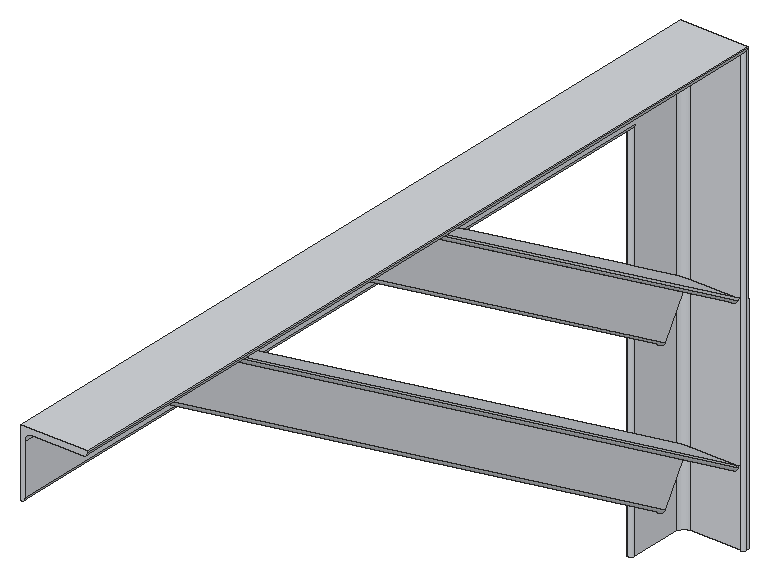
Revit family "TriSupport_V2", category 一般模型, Revit 2019
Family settings
  可以作為鋼筋主體 = 否
  圓形接點標註 = 使用直徑
  組件類型 = 正常
  以工作平面為基礎 = 否
  總是垂直 = 是
  載入時使用空心切割 = 否
  共用 = 否
  房間計算點 = 否
Parameters (values of type "大三角架")
  大三角 = yes
  L2 = 600 mm
  L1 = 1100 mm
Types (3, lengths in mm): name | 大三角 | L2 | L1
  (no name) | yes | 600 | 1100
  三角架 | no | 400 | 600
  大三角架 | yes | 600 | 1100
Reference planes
  plane 1 "中心 (前/後)": y = 0
  plane 2: z = 0
  plane 3 "中心 (左/右)": x = 0
  plane 4: y = -833.333
  plane 5: z = -600
  plane 6: y = -1100
  plane 7: z = -600
  plane 8: y = -500
  plane 9: z = -300
  plane 10: z = -7
  plane 11: y = -7
  plane 12: z = -7
  plane 13: z = -500
  plane 14: y = -7
Forms (mm)
  Sweep 1, solid
    path origin (0, 0, 0) x (0, 1, 0) y (0, 0, 1)
      loop
        line (-1100, 0) -> (0, 0) -> (0, -600)
    profile "TrisSupport_profile : L90x90x7" origin (0, -550, 0) x (0, 0, 1) y (1, 0, 0)
      loop
        line (0, -45) -> (0, 45) -> (-2, 45)
        arc (-2, 45) -> (-5.536, 43.536) -> (-7, 40) r 5
        line (-7, 40) -> (-7, -28)
        arc (-7, -28) -> (-9.929, -35.071) -> (-17, -38) r 10
        line (-17, -38) -> (-85, -38)
        arc (-85, -38) -> (-88.536, -39.464) -> (-90, -43) r 5
        line (-90, -43) -> (-90, -45) -> (0, -45)
  Sweep 2, solid
    path origin (0, 0, 0) x (0, 1, 0) y (0, 0, 1)
      loop
        line (-500, -7) -> (-7, -300)
    profile "TrisSupport_profile : L75x75x6" origin (0, -253.5, -153.5) x (0, 0.510901, 0.859639) y (1, 0, 0)
      loop
        line (0, -37.5) -> (0, 37.5) -> (-2.5, 37.5)
        arc (-2.5, 37.5) -> (-5.328, 36.328) -> (-6.5, 33.5) r 4
        line (-6.5, 33.5) -> (-6.5, -22.5)
        arc (-6.5, -22.5) -> (-8.99, -28.51) -> (-15, -31) r 8.5
        line (-15, -31) -> (-71, -31)
        arc (-71, -31) -> (-73.828, -32.172) -> (-75, -35) r 4
        line (-75, -35) -> (-75, -37.5) -> (0, -37.5)
  Sweep 3, solid, visible <- "大三角"
    path origin (0, 0, 0) x (0, 1, 0) y (0, 0, 1)
      loop
        line (-833.333, -7) -> (-7, -500)
    profile "TrisSupport_profile : L75x75x6" origin (0, -420.167, -253.5) x (0, 0.512355, 0.858774) y (1, 0, 0)
      loop
        line (0, -37.5) -> (0, 37.5) -> (-2.5, 37.5)
        arc (-2.5, 37.5) -> (-5.328, 36.328) -> (-6.5, 33.5) r 4
        line (-6.5, 33.5) -> (-6.5, -22.5)
        arc (-6.5, -22.5) -> (-8.99, -28.51) -> (-15, -31) r 8.5
        line (-15, -31) -> (-71, -31)
        arc (-71, -31) -> (-73.828, -32.172) -> (-75, -35) r 4
        line (-75, -35) -> (-75, -37.5) -> (0, -37.5)
Dimensions and locks
  plane 4 to plane 1 "中心 (前/後)" = 833.333 mm
  plane 2 to plane 5 = 600 mm
  "L1": plane 6 to plane 1 "中心 (前/後)"
  "L2": level to plane 7
  aligned and locked: level to plane 2
  aligned and locked: plane 6 to Sweep 1 sketch curve
  aligned and locked: plane 7 to Sweep 1 sketch curve
Automatic sketch dimensions
  Sweep 2 sketch curve to plane 8 = 0 mm
  Sweep 2 sketch curve to plane 9 = 0 mm
  Sweep 2 sketch curve to plane 11 = 0 mm
  Sweep 2 sketch curve to plane 10 = 0 mm
  Sweep 3 sketch curve to plane 4 = 0 mm
  Sweep 3 sketch curve to plane 13 = 0 mm
  Sweep 3 sketch curve to plane 14 = 0 mm
  plane 12 to Sweep 3 sketch curve = 0 mm
  Sweep 1 sketch curve to level = 0 mm
  Sweep 1 sketch curve to plane 1 "中心 (前/後)" = 0 mm
